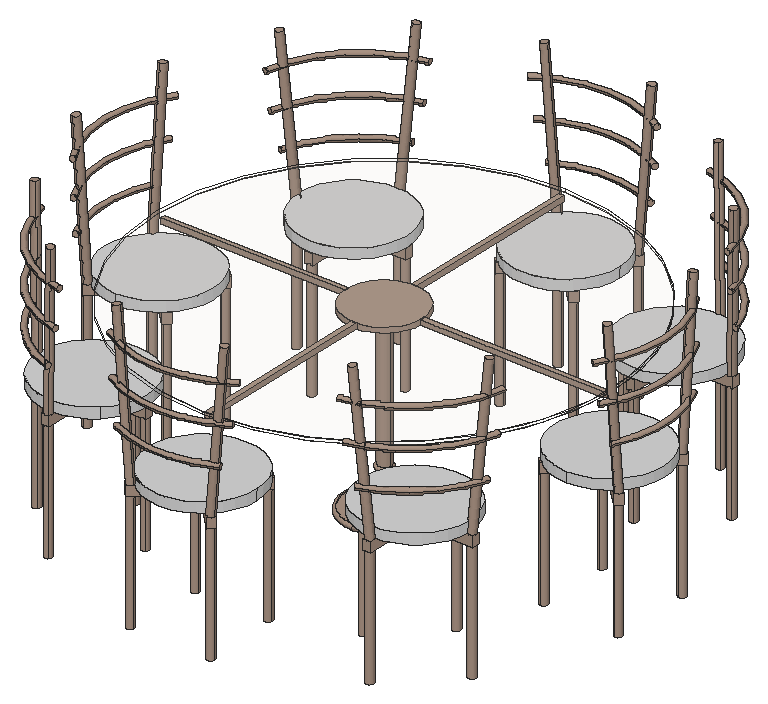
Revit family
Reference planes
  plane 1 "Center (Front/Back)": y = 0
  plane 2: z = 0
  plane 3 "Center (Left/Right)": x = 0
  plane 4: x = -900
  plane 5: x = 900
Lines and regions (mm)
  Masking region 1
    outline origin (0, 0, 0) x (1, 0, 0) y (0, 1, 0)
      loop
        circle (0, 0) r 900
  Masking region 2
    outline origin (0, 0, 0) x (1, 0, 0) y (0, 1, 0)
      loop
        arc (-464.179, 771.063) -> (-575.472, 849.389) -> (-711.5, 845.197) r 215
        arc (-711.5, 845.197) -> (-634.415, 884.556) -> (-551.085, 907.952) r 437.043
        line (-551.085, 907.952) -> (-554.558, 927.648)
        arc (-554.558, 927.648) -> (-798.372, 800.726) -> (-925.293, 556.913) r 457.043
        line (-925.293, 556.913) -> (-905.597, 553.44)
        arc (-905.597, 553.44) -> (-880.288, 641.577) -> (-837.145, 722.492) r 437.043
        arc (-837.145, 722.492) -> (-844.155, 585.158) -> (-766.505, 471.667) r 215
        arc (-766.505, 471.667) -> (-704.494, 560.078) -> (-632.341, 640.426) r 900
        arc (-632.341, 640.426) -> (-552.137, 710.735) -> (-464.179, 771.063) r 900
      loop
        line (-264.894, 1042.534) -> (-253.423, 1026.151)
        arc (-253.423, 1026.151) -> (-173.204, 1070.577) -> (-85.482, 1097.286) r 437.043
        arc (-85.482, 1097.286) -> (-186.467, 1007.038) -> (-213.46, 874.32) r 215
        arc (-213.46, 874.32) -> (-107.499, 893.557) -> (0, 900) r 900
        arc (0, 900) -> (107.499, 893.557) -> (213.46, 874.32) r 900
        arc (213.46, 874.32) -> (187.721, 1004.823) -> (90.128, 1095.207) r 215
        arc (90.128, 1095.207) -> (172.466, 1068.531) -> (247.933, 1026.151) r 437.043
        line (247.933, 1026.151) -> (259.404, 1042.534)
        arc (259.404, 1042.534) -> (-2.745, 1125.189) -> (-264.894, 1042.534) r 457.043
      loop
        arc (464.179, 771.063) -> (513.462, 739.16) -> (560.559, 704.112) r 900
        arc (560.559, 704.112) -> (673.634, 596.84) -> (766.505, 471.667) r 900
        arc (766.505, 471.667) -> (844.155, 585.158) -> (837.145, 722.492) r 215
        arc (837.145, 722.492) -> (880.288, 641.577) -> (905.597, 553.44) r 437.043
        line (905.597, 553.44) -> (925.293, 556.913)
        arc (925.293, 556.913) -> (798.372, 800.726) -> (554.558, 927.648) r 457.043
        line (554.558, 927.648) -> (551.085, 907.952)
        arc (551.085, 907.952) -> (634.415, 884.556) -> (711.5, 845.197) r 437.043
        arc (711.5, 845.197) -> (575.472, 849.389) -> (464.179, 771.063) r 215
      loop
        arc (874.686, -211.955) -> (1000.973, -183.109) -> (1087.765, -86.944) r 215
        arc (1087.765, -86.944) -> (1061.448, -169.398) -> (1019.397, -245.048) r 437.043
        line (1019.397, -245.048) -> (1042.573, -261.126)
        arc (1042.573, -261.126) -> (1124.483, 5.349) -> (1036.359, 269.833) r 457.043
        line (1036.359, 269.833) -> (1017.213, 256.302)
        arc (1017.213, 256.302) -> (1061.988, 176.278) -> (1089.079, 88.673) r 437.043
        arc (1089.079, 88.673) -> (1001.874, 187.242) -> (873.566, 216.526) r 215
        arc (873.566, 216.526) -> (891.336, 124.577) -> (899.456, 31.28) r 900
        arc (899.456, 31.28) -> (895.369, -91.182) -> (874.686, -211.955) r 900
      loop
        arc (464.179, -771.063) -> (575.472, -849.389) -> (711.5, -845.197) r 215
        arc (711.5, -845.197) -> (634.415, -884.556) -> (551.085, -907.952) r 437.043
        line (551.085, -907.952) -> (554.558, -927.648)
        arc (554.558, -927.648) -> (798.372, -800.726) -> (925.293, -556.913) r 457.043
        line (925.293, -556.913) -> (905.597, -553.44)
        arc (905.597, -553.44) -> (880.288, -641.577) -> (837.145, -722.492) r 437.043
        arc (837.145, -722.492) -> (844.155, -585.158) -> (766.505, -471.667) r 215
        arc (766.505, -471.667) -> (707.577, -556.179) -> (639.377, -633.402) r 900
        arc (639.377, -633.402) -> (556.054, -707.675) -> (464.179, -771.063) r 900
      loop
        arc (-872.36, 221.333) -> (-1002.281, 195.645) -> (-1092.5, 98.691) r 215
        arc (-1092.5, 98.691) -> (-1065.512, 180.927) -> (-1022.848, 256.233) r 437.043
        line (-1022.848, 256.233) -> (-1039.204, 267.778)
        arc (-1039.204, 267.778) -> (-1125.851, 3.454) -> (-1043.209, -262.149) r 457.043
        line (-1043.209, -262.149) -> (-1022.816, -247.87)
        arc (-1022.816, -247.87) -> (-1068.213, -166.281) -> (-1095.243, -76.91) r 437.043
        arc (-1095.243, -76.91) -> (-1006.821, -177.393) -> (-876.086, -206.091) r 215
        arc (-876.086, -206.091) -> (-899.104, -40.156) -> (-890.97, 127.171) r 900
        arc (-890.97, 127.171) -> (-882.921, 174.5) -> (-872.36, 221.333) r 900
      loop
        arc (-464.179, -771.063) -> (-568.511, -697.708) -> (-661.425, -610.341) r 900
        arc (-661.425, -610.341) -> (-717.324, -543.55) -> (-766.505, -471.667) r 900
        arc (-766.505, -471.667) -> (-844.155, -585.158) -> (-837.145, -722.492) r 215
        arc (-837.145, -722.492) -> (-880.288, -641.577) -> (-905.597, -553.44) r 437.043
        line (-905.597, -553.44) -> (-925.293, -556.913)
        arc (-925.293, -556.913) -> (-798.372, -800.726) -> (-554.558, -927.648) r 457.043
        line (-554.558, -927.648) -> (-551.085, -907.952)
        arc (-551.085, -907.952) -> (-634.415, -884.556) -> (-711.5, -845.197) r 437.043
        arc (-711.5, -845.197) -> (-575.472, -849.389) -> (-464.179, -771.063) r 215
      loop
        arc (213.46, -874.32) -> (107.499, -893.557) -> (0, -900) r 900
        arc (0, -900) -> (-107.499, -893.557) -> (-213.46, -874.32) r 900
        arc (-213.46, -874.32) -> (-186.467, -1007.038) -> (-85.482, -1097.286) r 215
        arc (-85.482, -1097.286) -> (-173.204, -1070.577) -> (-253.423, -1026.151) r 437.043
        line (-253.423, -1026.151) -> (-264.894, -1042.534)
        arc (-264.894, -1042.534) -> (-2.745, -1125.189) -> (259.404, -1042.534) r 457.043
        line (259.404, -1042.534) -> (247.933, -1026.151)
        arc (247.933, -1026.151) -> (172.466, -1068.531) -> (90.128, -1095.207) r 437.043
        arc (90.128, -1095.207) -> (187.721, -1004.823) -> (213.46, -874.32) r 215
  symbolic lines
    curve 1: arc (0, 900, 0) -> (-900, 0, 0) -> (0, -900, 0) r 900
    curve 2: arc (0, -900, 0) -> (900, 0, 0) -> (0, 900, 0) r 900
    curve 3: arc (0, 150, 0) -> (-150, 0, 0) -> (0, -150, 0) r 150
    curve 4: arc (0, -150, 0) -> (150, 0, 0) -> (0, 150, 0) r 150
    curve 5: arc (-24.87, 0, 0) -> (0, -24.87, 0) -> (24.87, 0, 0) r 24.87
    curve 6: arc (24.87, 0, 0) -> (0, 24.87, 0) -> (-24.87, 0, 0) r 24.87
    curve 7: arc (213.46, 874.32, 0) -> (190.03, 1000.576, 0) -> (98.812, 1090.958, 0) r 215
    curve 8: arc (-264.894, 1042.534, 0) -> (-2.745, 1125.189, 0) -> (259.404, 1042.534, 0) r 457.043
    curve 9: arc (247.933, 1026.151, 0) -> (-2.745, 1105.189, 0) -> (-253.423, 1026.151, 0) r 437.043
    curve 10: line (259.404, 1042.534, 0) -> (247.933, 1026.151, 0)
    curve 11: line (-264.894, 1042.534, 0) -> (-253.423, 1026.151, 0)
    curve 12: arc (-87.234, 1096.518, 0) -> (-186.942, 1006.207, 0) -> (-213.46, 874.32, 0) r 215
    curve 13: arc (213.46, -874.32, 0) -> (190.03, -1000.576, 0) -> (98.812, -1090.958, 0) r 215
    curve 14: arc (-264.894, -1042.534, 0) -> (-2.745, -1125.189, 0) -> (259.404, -1042.534, 0) r 457.043
    curve 15: arc (247.933, -1026.151, 0) -> (-2.745, -1105.189, 0) -> (-253.423, -1026.151, 0) r 437.043
    curve 16: line (259.404, -1042.534, 0) -> (247.933, -1026.151, 0)
    curve 17: line (-264.894, -1042.534, 0) -> (-253.423, -1026.151, 0)
    curve 18: arc (-87.234, -1096.518, 0) -> (-186.942, -1006.207, 0) -> (-213.46, -874.32, 0) r 215
    curve 19: arc (-874.994, 216.205, 0) -> (-1001.251, 192.775, 0) -> (-1091.633, 101.557, 0) r 215
    curve 20: arc (-1043.209, -262.149, 0) -> (-1125.864, 0, 0) -> (-1043.209, 262.149, 0) r 457.043
    curve 21: arc (-1026.826, 250.678, 0) -> (-1105.864, 0, 0) -> (-1026.826, -250.678, 0) r 437.043
    curve 22: line (-1043.209, 262.149, 0) -> (-1026.826, 250.678, 0)
    curve 23: line (-1043.209, -262.149, 0) -> (-1026.826, -250.678, 0)
    curve 24: arc (-1097.192, -84.489, 0) -> (-1006.878, -184.199, 0) -> (-874.986, -210.714, 0) r 215
    curve 25: arc (873.645, 216.205, 0) -> (999.901, 192.775, 0) -> (1090.283, 101.557, 0) r 215
    curve 26: arc (1041.859, -262.149, 0) -> (1124.514, 0, 0) -> (1041.859, 262.149, 0) r 457.043
    curve 27: arc (1025.476, 250.678, 0) -> (1104.514, 0, 0) -> (1025.476, -250.678, 0) r 437.043
    curve 28: line (1041.859, 262.149, 0) -> (1025.476, 250.678, 0)
    curve 29: line (1041.859, -262.149, 0) -> (1025.476, -250.678, 0)
    curve 30: arc (1095.843, -84.489, 0) -> (1005.533, -184.197, 0) -> (873.645, -210.715, 0) r 215
    curve 31: arc (-464.179, 771.063, 0) -> (-569.481, 847.497, 0) -> (-699.587, 849.193, 0) r 215
    curve 32: arc (-925.293, 556.913, 0) -> (-798.372, 800.726, 0) -> (-554.558, 927.648, 0) r 457.043
    curve 33: arc (-551.085, 907.952, 0) -> (-784.23, 786.584, 0) -> (-905.597, 553.44, 0) r 437.043
    curve 34: line (-554.558, 927.648, 0) -> (-551.085, 907.952, 0)
    curve 35: line (-925.293, 556.913, 0) -> (-905.597, 553.44, 0)
    curve 36: arc (-839.149, 717.223, 0) -> (-843.373, 582.45, 0) -> (-766.505, 471.667, 0) r 215
    curve 37: arc (464.179, 771.063, 0) -> (569.481, 847.497, 0) -> (699.587, 849.193, 0) r 215
    curve 38: arc (925.293, 556.913, 0) -> (798.372, 800.726, 0) -> (554.558, 927.648, 0) r 457.043
    curve 39: arc (551.085, 907.952, 0) -> (784.23, 786.584, 0) -> (905.597, 553.44, 0) r 437.043
    curve 40: line (554.558, 927.648, 0) -> (551.085, 907.952, 0)
    curve 41: line (925.293, 556.913, 0) -> (905.597, 553.44, 0)
    curve 42: arc (839.149, 717.223, 0) -> (843.373, 582.45, 0) -> (766.505, 471.667, 0) r 215
    curve 43: arc (464.179, -771.063, 0) -> (569.481, -847.497, 0) -> (699.587, -849.193, 0) r 215
    curve 44: arc (925.293, -556.913, 0) -> (798.372, -800.726, 0) -> (554.558, -927.648, 0) r 457.043
    curve 45: arc (551.085, -907.952, 0) -> (784.23, -786.584, 0) -> (905.597, -553.44, 0) r 437.043
    curve 46: line (554.558, -927.648, 0) -> (551.085, -907.952, 0)
    curve 47: line (925.293, -556.913, 0) -> (905.597, -553.44, 0)
    curve 48: arc (839.149, -717.223, 0) -> (843.373, -582.45, 0) -> (766.505, -471.667, 0) r 215
    curve 49: arc (-464.179, -771.063, 0) -> (-569.481, -847.497, 0) -> (-699.587, -849.193, 0) r 215
    curve 50: arc (-925.293, -556.913, 0) -> (-798.372, -800.726, 0) -> (-554.558, -927.648, 0) r 457.043
    curve 51: arc (-551.085, -907.952, 0) -> (-784.23, -786.584, 0) -> (-905.597, -553.44, 0) r 437.043
    curve 52: line (-554.558, -927.648, 0) -> (-551.085, -907.952, 0)
    curve 53: line (-925.293, -556.913, 0) -> (-905.597, -553.44, 0)
    curve 54: arc (-839.149, -717.223, 0) -> (-843.373, -582.45, 0) -> (-766.505, -471.667, 0) r 215
    curve 55: arc (-1095.243, -76.91, 0) -> (-1006.821, -177.393, 0) -> (-876.086, -206.091, 0) r 215
    curve 56: arc (-876.086, -206.091, 0) -> (-899.104, -40.156, 0) -> (-890.97, 127.171, 0) r 900
    curve 57: arc (-890.97, 127.171, 0) -> (-882.921, 174.5, 0) -> (-872.36, 221.333, 0) r 900
    curve 58: arc (-872.36, 221.333, 0) -> (-1002.281, 195.645, 0) -> (-1092.5, 98.691, 0) r 215
    curve 59: arc (-1092.5, 98.691, 0) -> (-1065.512, 180.927, 0) -> (-1022.848, 256.233, 0) r 437.043
    curve 60: line (-1022.848, 256.233, 0) -> (-1039.204, 267.778, 0)
    curve 61: arc (-1039.204, 267.778, 0) -> (-1125.851, 3.454, 0) -> (-1043.209, -262.149, 0) r 457.043
    curve 62: line (-1043.209, -262.149, 0) -> (-1022.816, -247.87, 0)
    curve 63: arc (-1022.816, -247.87, 0) -> (-1068.213, -166.281, 0) -> (-1095.243, -76.91, 0) r 437.043
    curve 64: arc (-837.145, 722.492, 0) -> (-844.155, 585.158, 0) -> (-766.505, 471.667, 0) r 215
    curve 65: arc (-766.505, 471.667, 0) -> (-704.494, 560.078, 0) -> (-632.341, 640.426, 0) r 900
    curve 66: arc (-632.341, 640.426, 0) -> (-552.137, 710.735, 0) -> (-464.179, 771.063, 0) r 900
    curve 67: arc (-464.179, 771.063, 0) -> (-575.472, 849.389, 0) -> (-711.5, 845.197, 0) r 215
    curve 68: arc (-711.5, 845.197, 0) -> (-634.415, 884.556, 0) -> (-551.085, 907.952, 0) r 437.043
    curve 69: line (-551.085, 907.952, 0) -> (-554.558, 927.648, 0)
    curve 70: arc (-554.558, 927.648, 0) -> (-798.372, 800.726, 0) -> (-925.293, 556.913, 0) r 457.043
    curve 71: line (-925.293, 556.913, 0) -> (-905.597, 553.44, 0)
    curve 72: arc (-905.597, 553.44, 0) -> (-880.288, 641.577, 0) -> (-837.145, 722.492, 0) r 437.043
    curve 73: arc (259.404, 1042.534, 0) -> (-2.745, 1125.189, 0) -> (-264.894, 1042.534, 0) r 457.043
    curve 74: line (-264.894, 1042.534, 0) -> (-253.423, 1026.151, 0)
    curve 75: arc (-253.423, 1026.151, 0) -> (-173.204, 1070.577, 0) -> (-85.482, 1097.286, 0) r 437.043
    curve 76: arc (-85.482, 1097.286, 0) -> (-186.467, 1007.038, 0) -> (-213.46, 874.32, 0) r 215
    curve 77: arc (-213.46, 874.32, 0) -> (-107.499, 893.557, 0) -> (0, 900, 0) r 900
    curve 78: arc (0, 900, 0) -> (107.499, 893.557, 0) -> (213.46, 874.32, 0) r 900
    curve 79: arc (213.46, 874.32, 0) -> (187.721, 1004.823, 0) -> (90.128, 1095.207, 0) r 215
    curve 80: arc (90.128, 1095.207, 0) -> (172.466, 1068.531, 0) -> (247.933, 1026.151, 0) r 437.043
    curve 81: line (247.933, 1026.151, 0) -> (259.404, 1042.534, 0)
    curve 82: arc (711.5, 845.197, 0) -> (575.472, 849.389, 0) -> (464.179, 771.063, 0) r 215
    curve 83: arc (464.179, 771.063, 0) -> (513.462, 739.16, 0) -> (560.559, 704.112, 0) r 900
    curve 84: arc (560.559, 704.112, 0) -> (673.634, 596.84, 0) -> (766.505, 471.667, 0) r 900
    curve 85: arc (766.505, 471.667, 0) -> (844.155, 585.158, 0) -> (837.145, 722.492, 0) r 215
    curve 86: arc (837.145, 722.492, 0) -> (880.288, 641.577, 0) -> (905.597, 553.44, 0) r 437.043
    curve 87: line (905.597, 553.44, 0) -> (925.293, 556.913, 0)
    curve 88: arc (925.293, 556.913, 0) -> (798.372, 800.726, 0) -> (554.558, 927.648, 0) r 457.043
    curve 89: line (554.558, 927.648, 0) -> (551.085, 907.952, 0)
    curve 90: arc (551.085, 907.952, 0) -> (634.415, 884.556, 0) -> (711.5, 845.197, 0) r 437.043
    curve 91: arc (1089.079, 88.673, 0) -> (1001.874, 187.242, 0) -> (873.566, 216.526, 0) r 215
    curve 92: arc (873.566, 216.526, 0) -> (891.336, 124.577, 0) -> (899.456, 31.28, 0) r 900
    curve 93: arc (899.456, 31.28, 0) -> (895.369, -91.182, 0) -> (874.686, -211.955, 0) r 900
    curve 94: arc (874.686, -211.955, 0) -> (1000.973, -183.109, 0) -> (1087.765, -86.944, 0) r 215
    curve 95: arc (1087.765, -86.944, 0) -> (1061.448, -169.398, 0) -> (1019.397, -245.048, 0) r 437.043
    curve 96: line (1019.397, -245.048, 0) -> (1042.573, -261.126, 0)
    curve 97: arc (1042.573, -261.126, 0) -> (1124.483, 5.349, 0) -> (1036.359, 269.833, 0) r 457.043
    curve 98: line (1036.359, 269.833, 0) -> (1017.213, 256.302, 0)
    curve 99: arc (1017.213, 256.302, 0) -> (1061.988, 176.278, 0) -> (1089.079, 88.673, 0) r 437.043
    curve 100: arc (554.558, -927.648, 0) -> (798.372, -800.726, 0) -> (925.293, -556.913, 0) r 457.043
    curve 101: line (925.293, -556.913, 0) -> (905.597, -553.44, 0)
    curve 102: arc (905.597, -553.44, 0) -> (880.288, -641.577, 0) -> (837.145, -722.492, 0) r 437.043
    curve 103: arc (837.145, -722.492, 0) -> (844.155, -585.158, 0) -> (766.505, -471.667, 0) r 215
    curve 104: arc (766.505, -471.667, 0) -> (707.577, -556.179, 0) -> (639.377, -633.402, 0) r 900
    curve 105: arc (639.377, -633.402, 0) -> (556.054, -707.675, 0) -> (464.179, -771.063, 0) r 900
    curve 106: arc (464.179, -771.063, 0) -> (575.472, -849.389, 0) -> (711.5, -845.197, 0) r 215
    curve 107: arc (711.5, -845.197, 0) -> (634.415, -884.556, 0) -> (551.085, -907.952, 0) r 437.043
    curve 108: line (551.085, -907.952, 0) -> (554.558, -927.648, 0)
    curve 109: arc (-264.894, -1042.534, 0) -> (-2.745, -1125.189, 0) -> (259.404, -1042.534, 0) r 457.043
    curve 110: line (259.404, -1042.534, 0) -> (247.933, -1026.151, 0)
    curve 111: arc (247.933, -1026.151, 0) -> (172.466, -1068.531, 0) -> (90.128, -1095.207, 0) r 437.043
    curve 112: arc (90.128, -1095.207, 0) -> (187.721, -1004.823, 0) -> (213.46, -874.32, 0) r 215
    curve 113: arc (213.46, -874.32, 0) -> (107.499, -893.557, 0) -> (0, -900, 0) r 900
    curve 114: arc (0, -900, 0) -> (-107.499, -893.557, 0) -> (-213.46, -874.32, 0) r 900
    curve 115: arc (-213.46, -874.32, 0) -> (-186.467, -1007.038, 0) -> (-85.482, -1097.286, 0) r 215
    curve 116: arc (-85.482, -1097.286, 0) -> (-173.204, -1070.577, 0) -> (-253.423, -1026.151, 0) r 437.043
    curve 117: line (-253.423, -1026.151, 0) -> (-264.894, -1042.534, 0)
    curve 118: arc (-925.293, -556.913, 0) -> (-798.372, -800.726, 0) -> (-554.558, -927.648, 0) r 457.043
    curve 119: line (-554.558, -927.648, 0) -> (-551.085, -907.952, 0)
    curve 120: arc (-551.085, -907.952, 0) -> (-634.415, -884.556, 0) -> (-711.5, -845.197, 0) r 437.043
    curve 121: arc (-711.5, -845.197, 0) -> (-575.472, -849.389, 0) -> (-464.179, -771.063, 0) r 215
    curve 122: arc (-464.179, -771.063, 0) -> (-568.511, -697.708, 0) -> (-661.425, -610.341, 0) r 900
    curve 123: arc (-661.425, -610.341, 0) -> (-717.324, -543.55, 0) -> (-766.505, -471.667, 0) r 900
    curve 124: arc (-766.505, -471.667, 0) -> (-844.155, -585.158, 0) -> (-837.145, -722.492, 0) r 215
    curve 125: arc (-837.145, -722.492, 0) -> (-880.288, -641.577, 0) -> (-905.597, -553.44, 0) r 437.043
    curve 126: line (-905.597, -553.44, 0) -> (-925.293, -556.913, 0)
    curve 127: arc (-1022.816, -247.87, 0) -> (-1068.213, -166.281, 0) -> (-1095.243, -76.91, 0) r 437.043
    curve 128: arc (-1095.243, -76.91, 0) -> (-1006.821, -177.393, 0) -> (-876.086, -206.091, 0) r 215
    curve 129: arc (-876.086, -206.091, 0) -> (-899.104, -40.156, 0) -> (-890.97, 127.171, 0) r 900
    curve 130: arc (-890.97, 127.171, 0) -> (-882.921, 174.5, 0) -> (-872.36, 221.333, 0) r 900
    curve 131: arc (-872.36, 221.333, 0) -> (-1002.281, 195.645, 0) -> (-1092.5, 98.691, 0) r 215
    curve 132: arc (-1092.5, 98.691, 0) -> (-1065.512, 180.927, 0) -> (-1022.848, 256.233, 0) r 437.043
    curve 133: line (-1022.848, 256.233, 0) -> (-1039.204, 267.778, 0)
    curve 134: arc (-1039.204, 267.778, 0) -> (-1125.851, 3.454, 0) -> (-1043.209, -262.149, 0) r 457.043
    curve 135: line (-1043.209, -262.149, 0) -> (-1022.816, -247.87, 0)
    curve 136: arc (-905.597, 553.44, 0) -> (-880.288, 641.577, 0) -> (-837.145, 722.492, 0) r 437.043
    curve 137: arc (-837.145, 722.492, 0) -> (-844.155, 585.158, 0) -> (-766.505, 471.667, 0) r 215
    curve 138: arc (-766.505, 471.667, 0) -> (-704.494, 560.078, 0) -> (-632.341, 640.426, 0) r 900
    curve 139: arc (-632.341, 640.426, 0) -> (-552.137, 710.735, 0) -> (-464.179, 771.063, 0) r 900
    curve 140: arc (-464.179, 771.063, 0) -> (-575.472, 849.389, 0) -> (-711.5, 845.197, 0) r 215
    curve 141: arc (-711.5, 845.197, 0) -> (-634.415, 884.556, 0) -> (-551.085, 907.952, 0) r 437.043
    curve 142: line (-551.085, 907.952, 0) -> (-554.558, 927.648, 0)
    curve 143: arc (-554.558, 927.648, 0) -> (-798.372, 800.726, 0) -> (-925.293, 556.913, 0) r 457.043
    curve 144: line (-925.293, 556.913, 0) -> (-905.597, 553.44, 0)
    curve 145: arc (213.46, 874.32, 0) -> (187.721, 1004.823, 0) -> (90.128, 1095.207, 0) r 215
    curve 146: arc (90.128, 1095.207, 0) -> (172.466, 1068.531, 0) -> (247.933, 1026.151, 0) r 437.043
    curve 147: line (247.933, 1026.151, 0) -> (259.404, 1042.534, 0)
    curve 148: arc (259.404, 1042.534, 0) -> (-2.745, 1125.189, 0) -> (-264.894, 1042.534, 0) r 457.043
    curve 149: line (-264.894, 1042.534, 0) -> (-253.423, 1026.151, 0)
    curve 150: arc (-253.423, 1026.151, 0) -> (-173.204, 1070.577, 0) -> (-85.482, 1097.286, 0) r 437.043
    curve 151: arc (-85.482, 1097.286, 0) -> (-186.467, 1007.038, 0) -> (-213.46, 874.32, 0) r 215
    curve 152: arc (-213.46, 874.32, 0) -> (-107.499, 893.557, 0) -> (0, 900, 0) r 900
    curve 153: arc (0, 900, 0) -> (107.499, 893.557, 0) -> (213.46, 874.32, 0) r 900
    curve 154: arc (0, 900, 0) -> (-900, 0, 0) -> (0, -900, 0) r 900
Dimensions and locks
  aligned and locked: plane 3 "Center (Left/Right)" to nested 2
  aligned and locked: nested 1 to nested 2
  aligned and locked: nested 3 to plane 3 "Center (Left/Right)"
  aligned and locked: nested 1 to nested 3
  aligned and locked: plane 4 to nested 1
  aligned and locked: plane 5 to nested 1
  aligned and locked: curve 1 to nested 1
  aligned and locked: curve 2 to nested 1
  aligned and locked: curve 3 to nested 1
  aligned and locked: curve 4 to nested 1
  aligned and locked: curve 5 to nested 1
  aligned and locked: curve 6 to nested 1
  aligned and locked: curve 7 to nested 2
  aligned and locked: curve 8 to nested 2
  aligned and locked: curve 9 to nested 2
  aligned and locked: curve 10 to nested 2
  aligned and locked: curve 11 to nested 2
  aligned and locked: curve 13 to nested 3
  aligned and locked: curve 14 to nested 3
  aligned and locked: curve 15 to nested 3
  aligned and locked: curve 31 to nested 6
  aligned and locked: curve 32 to nested 6
  aligned and locked: curve 33 to nested 6
  aligned and locked: curve 34 to nested 6
  aligned and locked: curve 35 to nested 6
  aligned and locked: curve 37 to nested 7
  aligned and locked: curve 38 to nested 7
  aligned and locked: curve 39 to nested 7
  aligned and locked: curve 43 to nested 9
  aligned and locked: curve 44 to nested 9
  aligned and locked: curve 45 to nested 9
  aligned and locked: curve 49 to nested 8
  aligned and locked: curve 50 to nested 8
  aligned and locked: curve 51 to nested 8
  aligned and locked: Masking region 1 sketch curve to nested 1  (x2)
  aligned and locked: Masking region 2 sketch curve to nested 6  (x5)
  aligned and locked: Masking region 2 sketch curve to nested 1  (x10)
  aligned and locked: Masking region 2 sketch curve to nested 2  (x5)
  aligned and locked: Masking region 2 sketch curve to nested 7  (x5)
  aligned and locked: Masking region 2 sketch curve to nested 5  (x4)
  aligned and locked: Masking region 2 sketch curve to curve 26
  aligned and locked: Masking region 2 sketch curve to nested 9  (x5)
  aligned and locked: Masking region 2 sketch curve to nested 4  (x3)
  aligned and locked: Masking region 2 sketch curve to curve 20
  aligned and locked: Masking region 2 sketch curve to curve 23
  aligned and locked: Masking region 2 sketch curve to nested 8  (x5)
  aligned and locked: Masking region 2 sketch curve to nested 3  (x5)
  aligned and locked: curve 55 to Masking region 2
  aligned and locked: curve 56 to Masking region 2
  aligned and locked: curve 57 to Masking region 2
  aligned and locked: curve 58 to Masking region 2
  aligned and locked: curve 59 to Masking region 2
  aligned and locked: curve 60 to Masking region 2
  aligned and locked: curve 61 to Masking region 2
  aligned and locked: curve 62 to Masking region 2
  aligned and locked: curve 63 to Masking region 2
  aligned and locked: curve 64 to Masking region 2
  aligned and locked: curve 65 to Masking region 2
  aligned and locked: curve 66 to Masking region 2
  aligned and locked: curve 67 to Masking region 2
  aligned and locked: curve 68 to Masking region 2
  aligned and locked: curve 69 to Masking region 2
  aligned and locked: curve 70 to Masking region 2
  aligned and locked: curve 71 to Masking region 2
  aligned and locked: curve 72 to Masking region 2
  aligned and locked: curve 73 to Masking region 2
  aligned and locked: curve 74 to Masking region 2
  aligned and locked: curve 75 to Masking region 2
  aligned and locked: curve 76 to Masking region 2
  aligned and locked: curve 77 to Masking region 2
  aligned and locked: curve 78 to Masking region 2
  aligned and locked: curve 79 to Masking region 2
  aligned and locked: curve 80 to Masking region 2
  aligned and locked: curve 81 to Masking region 2
  aligned and locked: curve 82 to Masking region 2
  aligned and locked: curve 83 to Masking region 2
  aligned and locked: curve 84 to Masking region 2
  aligned and locked: curve 85 to Masking region 2
  aligned and locked: curve 86 to Masking region 2
  aligned and locked: curve 87 to Masking region 2
  aligned and locked: curve 88 to Masking region 2
  aligned and locked: curve 89 to Masking region 2
  aligned and locked: curve 90 to Masking region 2
  aligned and locked: curve 91 to Masking region 2
  aligned and locked: curve 92 to Masking region 2
  aligned and locked: curve 93 to Masking region 2
  aligned and locked: curve 94 to Masking region 2
  aligned and locked: curve 95 to Masking region 2
  aligned and locked: curve 96 to Masking region 2
  aligned and locked: curve 97 to Masking region 2
  aligned and locked: curve 98 to Masking region 2
  aligned and locked: curve 99 to Masking region 2
  aligned and locked: curve 100 to Masking region 2
  aligned and locked: curve 101 to Masking region 2
  aligned and locked: curve 102 to Masking region 2
  aligned and locked: curve 103 to Masking region 2
  aligned and locked: curve 104 to Masking region 2
  aligned and locked: curve 105 to Masking region 2
  aligned and locked: curve 106 to Masking region 2
  aligned and locked: curve 107 to Masking region 2
  aligned and locked: curve 108 to Masking region 2
  aligned and locked: curve 109 to Masking region 2
  aligned and locked: curve 110 to Masking region 2
  aligned and locked: curve 111 to Masking region 2
  aligned and locked: curve 112 to Masking region 2
  aligned and locked: curve 113 to Masking region 2
  aligned and locked: curve 114 to Masking region 2
  aligned and locked: curve 115 to Masking region 2
  aligned and locked: curve 116 to Masking region 2
  aligned and locked: curve 117 to Masking region 2
  aligned and locked: curve 118 to Masking region 2
  aligned and locked: curve 119 to Masking region 2
  aligned and locked: curve 120 to Masking region 2
  aligned and locked: curve 121 to Masking region 2
  aligned and locked: curve 122 to Masking region 2
  aligned and locked: curve 123 to Masking region 2
  aligned and locked: curve 124 to Masking region 2
  aligned and locked: curve 125 to Masking region 2
  aligned and locked: curve 126 to Masking region 2
  aligned and locked: curve 127 to Masking region 2
  aligned and locked: curve 128 to Masking region 2
  aligned and locked: curve 129 to Masking region 2
  aligned and locked: curve 130 to Masking region 2
  aligned and locked: curve 131 to Masking region 2
  aligned and locked: curve 132 to Masking region 2
  aligned and locked: curve 133 to Masking region 2
  aligned and locked: curve 134 to Masking region 2
  aligned and locked: curve 135 to Masking region 2
  aligned and locked: curve 136 to Masking region 2
  aligned and locked: curve 137 to Masking region 2
  aligned and locked: curve 138 to Masking region 2
  aligned and locked: curve 139 to Masking region 2
  aligned and locked: curve 140 to Masking region 2
  aligned and locked: curve 141 to Masking region 2
  aligned and locked: curve 142 to Masking region 2
  aligned and locked: curve 143 to Masking region 2
  aligned and locked: curve 144 to Masking region 2
  aligned and locked: curve 145 to Masking region 2
  aligned and locked: curve 146 to Masking region 2
  aligned and locked: curve 147 to Masking region 2
  aligned and locked: curve 148 to Masking region 2
  aligned and locked: curve 149 to Masking region 2
  aligned and locked: curve 150 to Masking region 2
  aligned and locked: curve 151 to Masking region 2
  aligned and locked: curve 152 to Masking region 2
  aligned and locked: curve 153 to Masking region 2
  aligned and locked: curve 154 to nested 1
Nested families
  nested 1: "M_Furn - Dining Table - Circular" at (0, 0, 0), type "1000 mm dia"
    with Diameter-Glass 1800 mm
  nested 2: "M_Furn - Chair 1" at (0, 900, 0), type "430 mm dia"
  nested 3: "M_Furn - Chair 1" at (0, -900, 0), type "430 mm dia"
  nested 4: "M_Furn - Chair 1" at (-897.635, 7.825, 0) x (0.0038, 1, 0) z (0, 0, 1), type "430 mm dia"
  nested 5: "M_Furn - Chair 1" at (892.167, 2.333, 0) x (0.0044, -1, 0) z (0, 0, 1), type "430 mm dia"
  nested 6: "M_Furn - Chair 1" at (-637.198, 643.435, 0) x (0.7071, 0.7071, 0) z (0, 0, 1), type "430 mm dia"
  nested 7: "M_Furn - Chair 1" at (637.198, 643.435, 0) x (-0.7071, 0.7071, 0) z (0, 0, 1), type "430 mm dia"
  nested 8: "M_Furn - Chair 1" at (-637.198, -643.435, 0) x (0.7071, -0.7071, 0) z (0, 0, 1), type "430 mm dia"
  nested 9: "M_Furn - Chair 1" at (637.198, -643.435, 0) x (-0.7071, -0.7071, 0) z (0, 0, 1), type "430 mm dia"
Definition of nested family "M_Furn - Dining Table - Circular"
  Parameters (values of type "1000 mm dia")
    Top Material = Glass - Top
    Base Material = Wood
    Height = 750 mm
    Diameter-Base = 300 mm
    Diameter-Glass = 1000 mm
  Reference planes
    plane 1 "Center (Front/Back)": y = 0
    plane 2: z = 0
    plane 3 "Center (Left/Right)": x = 0
    plane 4: x = -500
    plane 5: x = 500
    plane 6: y = 500
    plane 7: y = -500
    plane 8: z = 750
    plane 9: y = 150
    plane 10: y = -150
    plane 11: x = -150
    plane 12: x = 150
  Forms (mm)
    Extrusion 1, solid, material "Glass - Top" <- "Top Material"
      sketch origin (0, 0, 750) x (0, 1, 0) y (-1, 0, 0)
        loop
          circle (0, 0) r 500
      from 0 to -12
    Extrusion 2, solid, material "Wood" <- "Base Material"
      sketch origin (0, 0, 750) x (0, 1, 0) y (-1, 0, 0)
        loop
          circle (0, 0) r 150
      from -12 to -32
    Extrusion 3, solid, material "Wood" <- "Base Material"
      sketch origin (0, 0, 0) x (1, 0, 0) y (0, 1, 0)
        loop
          circle (0, 0) r 150
      from 0 to 20
    Extrusion 4, solid, material "Wood" <- "Base Material"
      sketch origin (0, 0, 0) x (1, 0, 0) y (0, 1, 0)
        loop
          circle (0, 0) r 24.87
      from 20 to 718
    Sweep 5, solid, material "Wood" <- "Base Material"
      path in 3D
        loop
          arc (0, 150, 20) -> (150, 0, 20) -> (0, -150, 20) r 150
          arc (0, -150, 20) -> (-150, 0, 20) -> (0, 150, 20) r 150
      profile origin (0, 0, 0) x (-1, 0, 0) y (0, 0, 1)
        loop
          line (150, 20) -> (150, 0)
          arc (150, 0) -> (160, 10) -> (150, 20) r 10
    Sweep 6, solid, material "Wood" <- "Base Material"
      path in 3D
        loop
          arc (24.87, 0, 718) -> (0, -24.87, 718) -> (-24.87, 0, 718) r 24.87
          arc (-24.87, 0, 718) -> (0, 24.87, 718) -> (24.87, 0, 718) r 24.87
      profile origin (0, 0, 0) x (0, 1, 0) y (0, 0, 1)
        loop
          line (24.87, 718) -> (24.87, 702.551)
          arc (24.87, 702.551) -> (32.594, 710.275) -> (24.87, 718) r 7.725
    Sweep 7, solid, material "Wood" <- "Base Material"
      path in 3D
        loop
          arc (24.87, 0, 718) -> (0, -24.87, 718) -> (-24.87, 0, 718) r 24.87
          arc (-24.87, 0, 718) -> (0, 24.87, 718) -> (24.87, 0, 718) r 24.87
      profile origin (0, 0, 0) x (0, 1, 0) y (0, 0, 1)
        loop
          arc (24.87, 20) -> (32.582, 27.713) -> (24.87, 35.425) r 7.713
          line (24.87, 35.425) -> (24.87, 20)
    Sweep 8, solid, material "Wood" <- "Base Material"
      path in 3D
        loop
          arc (-24.87, 0, 305.149) -> (0, 24.87, 305.149) -> (24.87, 0, 305.149) r 24.87
          arc (24.87, 0, 305.149) -> (0, -24.87, 305.149) -> (-24.87, 0, 305.149) r 24.87
      profile origin (0, 0, 0) x (0, -1, 0) y (0, 0, 1)
        loop
          line (24.859, 169.99) -> (24.859, 155)
          arc (24.859, 155) -> (32.354, 162.495) -> (24.859, 169.99) r 7.495
    Sweep 9, solid, material "Wood" <- "Base Material"
      path in 3D
        loop
          arc (-24.87, 0, 237.866) -> (0, 24.87, 237.866) -> (24.87, 0, 237.866) r 24.87
          arc (24.87, 0, 237.866) -> (0, -24.87, 237.866) -> (-24.87, 0, 237.866) r 24.87
      profile origin (0, 0, 0) x (0, -1, 0) y (0, 0, 1)
        loop
          line (24.859, 102.707) -> (24.859, 87.718)
          arc (24.859, 87.718) -> (32.354, 95.213) -> (24.859, 102.707) r 7.495
    Extrusion 10, solid, material "Wood" <- "Base Material"
      sketch origin (0, 0, 750) x (0, 1, 0) y (-1, 0, 0)
        loop
          line (478.939, 10) -> (149.687, 10)
          arc (149.687, 10) -> (150.014, 0) -> (149.687, -10) r 153.253
          line (149.687, -10) -> (478.939, -10)
          arc (478.939, -10) -> (480, 0) -> (478.939, 10) r 47.662
      from -12 to -32
    Extrusion 11, solid, material "Wood" <- "Base Material"
      sketch origin (0, 0, 750) x (0, -1, 0) y (1, 0, 0)
        loop
          arc (478.939, -10) -> (480, 0) -> (478.939, 10) r 47.662
          line (478.939, 10) -> (149.687, 10)
          arc (149.687, 10) -> (150.014, 0) -> (149.687, -10) r 153.253
          line (149.687, -10) -> (478.939, -10)
      from -12 to -32
    Extrusion 12, solid, material "Wood" <- "Base Material"
      sketch origin (0, 0, 750) x (0, 1, 0) y (-1, 0, 0)
        loop
          line (10, -479.456) -> (10, -148.524)
          arc (10, -148.524) -> (0, -148.943) -> (-10, -148.524) r 119.448
          line (-10, -148.524) -> (-10, -479.456)
          arc (-10, -479.456) -> (0, -480.308) -> (10, -479.456) r 59.12
      from -12 to -32
    Extrusion 13, solid, material "Wood" <- "Base Material"
      sketch origin (0, 0, 750) x (0, 1, 0) y (-1, 0, 0)
        loop
          arc (10, 479.456) -> (0, 480.308) -> (-10, 479.456) r 59.12
          line (-10, 479.456) -> (-10, 149.703)
          arc (-10, 149.703) -> (0, 150.123) -> (10, 149.703) r 119.448
          line (10, 149.703) -> (10, 479.456)
      from -12 to -32
  Lines and regions (mm)
    sketch lines
      curve 1: arc (0, -150, 20) -> (-150, 0, 20) -> (0, 150, 20) r 150
      curve 2: arc (0, 150, 20) -> (150, 0, 20) -> (0, -150, 20) r 150
      curve 3: arc (-24.87, 0, 718) -> (0, 24.87, 718) -> (24.87, 0, 718) r 24.87
      curve 4: arc (24.87, 0, 718) -> (0, -24.87, 718) -> (-24.87, 0, 718) r 24.87
      curve 5: arc (-24.87, 0, 718) -> (0, 24.87, 718) -> (24.87, 0, 718) r 24.87
      curve 6: arc (24.87, 0, 718) -> (0, -24.87, 718) -> (-24.87, 0, 718) r 24.87
      curve 7: arc (24.87, 0, 305.149) -> (0, -24.87, 305.149) -> (-24.87, 0, 305.149) r 24.87
      curve 8: arc (-24.87, 0, 305.149) -> (0, 24.87, 305.149) -> (24.87, 0, 305.149) r 24.87
      curve 9: arc (24.87, 0, 237.866) -> (0, -24.87, 237.866) -> (-24.87, 0, 237.866) r 24.87
      curve 10: arc (-24.87, 0, 237.866) -> (0, 24.87, 237.866) -> (24.87, 0, 237.866) r 24.87
    symbolic lines
      curve 11: arc (0, 500, 0) -> (-500, 0, 0) -> (0, -500, 0) r 500
      curve 12: arc (0, 500, 0) -> (-500, 0, 0) -> (0, -500, 0) r 500
      curve 13: arc (0, -500, 0) -> (500, 0, 0) -> (0, 500, 0) r 500
      curve 14: arc (0, 150, 0) -> (-150, 0, 0) -> (0, -150, 0) r 150
      curve 15: arc (0, -150, 0) -> (150, 0, 0) -> (0, 150, 0) r 150
  Dimensions and locks
    equal spacing: plane 4, plane 3 "Center (Left/Right)", plane 5
    "Diameter-Glass": plane 4 to plane 5
    equal spacing: plane 7, plane 1 "Center (Front/Back)", plane 6
    "Diameter-Glass": plane 7 to plane 6
    equal spacing: plane 9, plane 1 "Center (Front/Back)", plane 10
    "Diameter-Base": plane 9 to plane 10
    equal spacing: plane 11, plane 3 "Center (Left/Right)", plane 12
    "Diameter-Base": plane 11 to plane 12
    "Height": plane 8 to level
    aligned and locked: Extrusion 1 sketch curve to plane 6
    aligned and locked: Extrusion 1 sketch curve to plane 7
    aligned and locked: plane 3 "Center (Left/Right)" to Extrusion 2 sketch curve
    aligned and locked: Extrusion 2 sketch curve to plane 10
    aligned and locked: Extrusion 3 sketch curve to Extrusion 2
    aligned and locked: Extrusion 2 to Extrusion 1
    aligned and locked: Extrusion 4 to Extrusion 2
    aligned and locked: Extrusion 4 to Extrusion 3
    aligned and locked: Extrusion 3 to level
    aligned and locked: profile plane to Sweep 5 sketch curve
    aligned and locked: Extrusion 2 to Sweep 6 sketch curve
    aligned and locked: profile plane to Sweep 6 sketch curve
    aligned and locked: Sweep 7 sketch curve to Extrusion 4
    aligned and locked: Extrusion 10 sketch curve to Extrusion 10 sketch curve
    aligned and locked: Extrusion 11 sketch curve to Extrusion 11 sketch curve
    aligned and locked: Extrusion 13 to Extrusion 1
    aligned and locked: Extrusion 12 to Extrusion 1
    aligned and locked: Extrusion 12 to Extrusion 2
    aligned and locked: Extrusion 2 to Extrusion 13
    aligned and locked: Extrusion 10 to Extrusion 2
    aligned and locked: Extrusion 10 to Extrusion 1
    aligned and locked: Extrusion 2 to Extrusion 11
    aligned and locked: Extrusion 11 to Extrusion 1
    aligned and locked: curve 11 to Extrusion 1
  Automatic sketch dimensions
    Extrusion 1 sketch curve to plane 3 "Center (Left/Right)" = 0 mm
    Extrusion 2 sketch curve to plane 1 "Center (Front/Back)" = 0 mm
    Extrusion 4 sketch curve to plane 1 "Center (Front/Back)" = 0 mm
    Extrusion 4 sketch curve to plane 3 "Center (Left/Right)" = 0 mm
    Sweep 5 sketch curve to Sweep 5 sketch curve = 10 mm
    Sweep 6 sketch curve to Sweep 6 sketch curve = 7.725 mm
    Sweep 7 sketch curve to profile plane = 0 mm
    Sweep 7 sketch curve to Sweep 7 sketch curve = 7.713 mm
    profile plane to Sweep 8 sketch curve = 0.01 mm
    Sweep 8 sketch curve to Sweep 8 sketch curve = 7.495 mm
    profile plane to Sweep 9 sketch curve = 0.01 mm
    Sweep 9 sketch curve to Sweep 9 sketch curve = 7.495 mm
    Extrusion 10 sketch curve to plane 3 "Center (Left/Right)" = 0 mm
    plane 1 "Center (Front/Back)" to Extrusion 10 sketch curve = 3.239 mm
    Extrusion 10 sketch curve to plane 9 = 0.313 mm
    plane 6 to Extrusion 10 sketch curve = 21.061 mm
    plane 3 "Center (Left/Right)" to Extrusion 10 sketch curve = 10 mm
    Extrusion 10 sketch curve to Extrusion 10 sketch curve = 0 mm
    Extrusion 10 sketch curve to Extrusion 10 sketch curve = 46.602 mm
    Extrusion 11 sketch curve to plane 3 "Center (Left/Right)" = 0 mm  (x2)
    Extrusion 11 sketch curve to plane 1 "Center (Front/Back)" = 3.239 mm
    plane 10 to Extrusion 11 sketch curve = 0.313 mm
    Extrusion 11 sketch curve to plane 7 = 67.662 mm
    Extrusion 11 sketch curve to plane 3 "Center (Left/Right)" = 10 mm
    Extrusion 11 sketch curve to plane 7 = 21.061 mm
    Extrusion 12 sketch curve to plane 1 "Center (Front/Back)" = 0 mm  (x2)
    Extrusion 12 sketch curve to plane 12 = 1.476 mm
    plane 1 "Center (Front/Back)" to Extrusion 12 sketch curve = 10 mm
    Extrusion 12 sketch curve to plane 1 "Center (Front/Back)" = 10 mm
    Extrusion 12 sketch curve to plane 5 = 78.811 mm
    Extrusion 12 sketch curve to plane 5 = 20.544 mm
    plane 3 "Center (Left/Right)" to Extrusion 12 sketch curve = 29.495 mm
    Extrusion 13 sketch curve to plane 1 "Center (Front/Back)" = 0 mm  (x2)
    plane 11 to Extrusion 13 sketch curve = 0.297 mm
    plane 1 "Center (Front/Back)" to Extrusion 13 sketch curve = 10 mm
    Extrusion 13 sketch curve to plane 1 "Center (Front/Back)" = 10 mm
    Extrusion 13 sketch curve to plane 3 "Center (Left/Right)" = 30.675 mm
    plane 4 to Extrusion 13 sketch curve = 78.811 mm
    plane 4 to Extrusion 13 sketch curve = 20.544 mm
    curve 14 to plane 3 "Center (Left/Right)" = 0 mm
    curve 15 to plane 1 "Center (Front/Back)" = 0 mm
    curve 15 to plane 10 = 0 mm
    curve 12 to plane 1 "Center (Front/Back)" = 0 mm
    curve 12 to plane 3 "Center (Left/Right)" = 0 mm
    curve 12 to plane 7 = 0 mm
    radius of Extrusion 4 sketch curve = 24.87 mm
Definition of nested family "M_Furn - Chair 1"
  Parameters (values of type "430 mm dia")
    Chair Material = Teak
    Upholstry Material = Cushion
  Reference planes
    plane 1 "Center (Front/Back)": y = 0
    plane 2: z = 0
    plane 3 "Center (Left/Right)": x = 0
    plane 4: y = 158.862
  Forms (mm)
    Extrusion 1, solid, material "Cushion" <- "Upholstry Material"
      sketch origin (0, 0.01, 0) x (1, 0, 0) y (0, 1, 0)
        loop
          circle (0, 0) r 215
      from 509.714 to 549.714
    Extrusion 2, solid, material "Teak" <- "Chair Material"
      sketch origin (0, 0.01, 0) x (1, 0, 0) y (0, 1, 0)
        loop
          line (-166.17, -144.957) -> (-144.957, -166.17) -> (0, -21.213) -> (144.957, -166.17) -> (166.17, -144.957) -> (21.213, 0) -> (180.312, 159.099) -> (159.099, 180.312) -> (0, 21.213) -> (-159.099, 180.312) -> (-180.312, 159.099) -> (-21.213, 0) -> (-166.17, -144.957)
      from 509.714 to 469.714
    Extrusion 3, solid, material "Teak" <- "Chair Material"
      sketch origin (0, 0.01, 0) x (1, 0, 0) y (0, 1, 0)
        loop
          circle (-159.293, 158.906) r 15
        loop
          circle (-145.152, -144.765) r 15
        loop
          circle (145.152, -144.765) r 15
        loop
          circle (159.293, 158.906) r 15
      from 0 to 469.714
    Sweep 4, solid, material "Teak" <- "Chair Material"
      path origin (0, -41.153, 0) x (1, 0, 0) y (0, 1, 0)
        loop
          arc (-232.176, 136.96) -> (-2.745, 209.3) -> (226.686, 136.96) r 400
      profile origin (-2.745, 0, 0) x (0, 1, 0) y (0, 0, 1)
        loop
          circle (215.189, 1000) r 10
    Sweep 5, solid, material "Teak" <- "Chair Material"
      path origin (0, -41.153, -150) x (1, 0, 0) y (0, 1, 0)
        loop
          arc (-217.665, 146.656) -> (-2.745, 209.3) -> (212.175, 146.656) r 400
      profile origin (-2.745, 0, 0) x (0, 1, 0) y (0, 0, 1)
        loop
          circle (215.189, 850) r 10
    Sweep 6, solid, material "Teak" <- "Chair Material"
      path origin (0, -41.153, -300) x (1, 0, 0) y (0, 1, 0)
        loop
          arc (-187.444, 164.104) -> (-2.745, 209.3) -> (181.955, 164.104) r 400
      profile origin (-2.745, 0, 0) x (0, 1, 0) y (0, 0, 1)
        loop
          circle (215.189, 700) r 10
    Sweep 7, solid, material "Teak" <- "Chair Material"
      path origin (49.733, 158.862, 1.048) x (1, 0, 0) y (0, 0, 1)
        loop
          line (109.745, 508.667) -> (163.781, 1126.307)
      profile origin (72.485, 0, 828.509) x (-0.996195, 0, 0.087156) y (0, -1, 0)
        loop
          circle (-114.447, -158.862) r 15
    Sweep 8, solid, material "Teak" <- "Chair Material"
      path origin (-49.733, 158.862, 1.048) x (-1, 0, 0) y (0, 0, -1)
        loop
          line (109.745, -508.667) -> (163.781, -1126.307)
      profile origin (-72.485, 0, 828.509) x (0.996195, 0, 0.087156) y (0, 1, 0)
        loop
          circle (-114.447, 158.862) r 15
  Lines and regions (mm)
    symbolic lines
      curve 1: arc (-264.894, 142.534, 0) -> (-2.745, 225.189, 0) -> (259.404, 142.534, 0) r 457.043
      curve 2: arc (247.933, 126.151, 0) -> (-2.745, 205.189, 0) -> (-253.423, 126.151, 0) r 437.043
      curve 3: line (-264.894, 142.534, 0) -> (-253.423, 126.151, 0)
      curve 4: line (259.404, 142.534, 0) -> (247.933, 126.151, 0)
      curve 5: arc (215, 0.01, 0) -> (0, 215.01, 0) -> (-215, 0.01, 0) r 215
      curve 6: arc (-215, 0.01, 0) -> (0, -214.99, 0) -> (215, 0.01, 0) r 215
  Dimensions and locks
    radius of Extrusion 1 = 215 mm
    aligned and locked: Extrusion 2 sketch curve to Extrusion 2 sketch curve  (x2)
    aligned and locked: Extrusion 3 to Extrusion 2
    aligned and locked: Extrusion 1 to Extrusion 2
